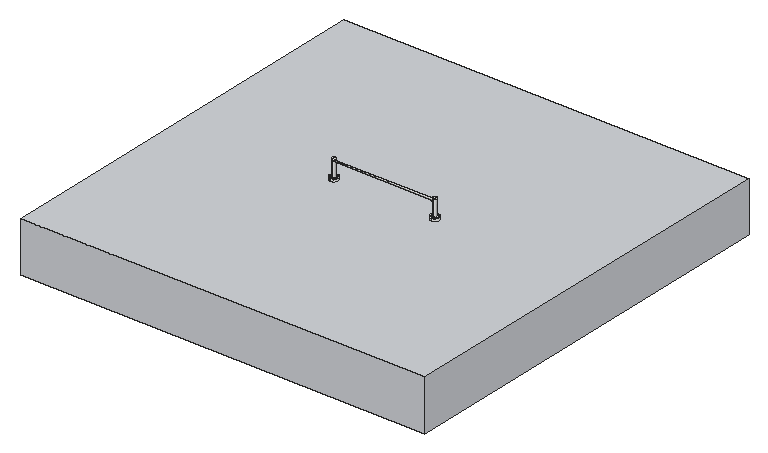
Revit family
Parameters (values of type "8336.024.002")
  Width = 24"
  Warranty Information = "1 Year Warranty"
  URL = "http://www.americanstandard-us.com"
  Type Comments = ""
  Product Page URL = "http://www.americanstandard-us.com/bathroom-accessories/CR-Series-24-Towel-bar-5988/"
  Product Documentation Link = "http://www.americanstandard-us.com/assets/documents/amstd/spec/SpecSheet_5987.pdf"
  Price = "Prices may vary. Please consult Manufacturer Representative for most up-to-date price list."  # constant formula
  Phone Number = "416-250-5656"  # constant formula
  Omniclass Table 23 Title = "Towel Bars"  # constant formula
  Omniclass Table 23 Code = "23.40.20.21.27"  # constant formula
  Model = "8336.024.002"
  Material = Metal-American Standard-002-Polished Chrome
  Masterformat Title = "Bath Accessories"  # constant formula
  Masterformat Number = "10 28 16"  # constant formula
  Manufacturer = "American Standard"
  Length = 4 3/8"
  Installation Type = "Wall Mounted"
  Height = 2"
  Description = "CR Series 24\" Towel Bar Polished Chrome"
  Default Elevation = 40"
  Creation Date = "04/04/2014"  # constant formula
  Created By = "Allied Technical Services"  # constant formula
  Assembly Code = "C1030220"
  ATS URL = "http://www.atsspec.net"
Types (3): name | Model | Material | Description
  (no name) | "8336.024.002" | Metal-American Standard-002-Polished Chrome | "CR Series 24\" Towel Bar Polished Chrome"
  8336.024.295 | "8336.024.295" | Metal-American Standard-295-Satin Nickel | "CR Series 24\" Towel Bar Satin Nickel"
  8336.024.002 | "8336.024.002" | Metal-American Standard-002-Polished Chrome | "CR Series 24\" Towel Bar Polished Chrome"
Reference planes (in)
  plane 1 "Center (Front/Back)": y = 0
  plane 2: z = 0
  plane 3 "Center (Left/Right)": x = 0
  plane 4 "Floor Level": y = -40
  plane 5: x = -12
  plane 6: y = 1
  plane 7: y = -1
  plane 8: z = 3.75
  plane 9: z = 4.375
  plane 10: x = -13
  plane 11: x = -11
  plane 12: x = 12
  plane 13: x = 13
  plane 14: x = 11
Forms (in)
  Extrusion 1, solid
    sketch origin (0, 0, 0) x (1, 0, 0) y (0, 1, 0)
      loop
        line (-48, 48) -> (-48, -48) -> (48, -48) -> (48, 48) -> (-48, 48)
    from 0 to -12
  Revolve 2, solid, material "Metal-American Standard-002-Polished Chrome" <- "Material"
    sketch origin (-12, 0, 0) x (0, 0, -1) y (0, -1, 0)
      loop
        line (0, 0) -> (-0.5, 0) -> (-4.375, 0) -> (-4.375, -0.38492)
        arc (-4.375, -0.38492) -> (-4.36646, -0.40553) -> (-4.34585, -0.41406) r 0.02915
        line (-4.34585, -0.41406) -> (-0.61801, -0.41406)
        arc (-0.61801, -0.41406) -> (-0.53456, -0.44863) -> (-0.5, -0.53207) r 0.11801
        line (-0.5, -0.53207) -> (-0.5, -0.93342)
        arc (-0.5, -0.93342) -> (-0.4805, -0.9805) -> (-0.43342, -1) r 0.06658
        line (-0.43342, -1) -> (0, -1) -> (0, 0)
      axis (-4.375, 0) -> (0, 0)
    angle from 0 to 360
  Revolve 3, solid, material "Metal-American Standard-002-Polished Chrome" <- "Material"
    sketch origin (0, 0, 0) x (1, 0, 0) y (0, 0, -1)
      loop
        line (-12, -4.1179) -> (11.99904, -4.1179) -> (11.99904, -3.93395) -> (-12, -3.93395) -> (-12, -4.1179)
      axis (11.99904, -3.93395) -> (-12, -3.93395)
    angle from 0 to 360
  Revolve 4, solid, material "Metal-American Standard-002-Polished Chrome" <- "Material"
    sketch origin (12, 0, 0) x (0, 0, -1) y (0, 1, 0)
      loop
        line (0, 0) -> (0, 1) -> (-0.43342, 1)
        arc (-0.43342, 1) -> (-0.4805, 0.9805) -> (-0.5, 0.93342) r 0.06658
        line (-0.5, 0.93342) -> (-0.5, 0.53207)
        arc (-0.5, 0.53207) -> (-0.53456, 0.44863) -> (-0.61801, 0.41406) r 0.11801
        line (-0.61801, 0.41406) -> (-4.34585, 0.41406)
        arc (-4.34585, 0.41406) -> (-4.36646, 0.40553) -> (-4.375, 0.38492) r 0.02915
        line (-4.375, 0.38492) -> (-4.375, 0) -> (-0.5, 0) -> (0, 0)
      axis (-4.375, 0) -> (0, 0)
    angle from 0 to 360
Lines and regions (in)
  Masking region 1
    outline origin (0, 0, 0) x (1, 0, 0) y (0, 0, 1)
      loop
        line (11.58594, 4.11792) -> (-11.58594, 4.11792) -> (-11.58594, 4.34631)
        arc (-11.58594, 4.34631) -> (-11.59434, 4.3666) -> (-11.61463, 4.375) r 0.02869
        line (-11.61463, 4.375) -> (-12.38537, 4.375)
        arc (-12.38537, 4.375) -> (-12.40566, 4.3666) -> (-12.41406, 4.34631) r 0.02869
        line (-12.41406, 4.34631) -> (-12.41406, 0.61875)
        arc (-12.41406, 0.61875) -> (-12.44539, 0.5382) -> (-12.52292, 0.5) r 0.1192
        line (-12.52292, 0.5) -> (-12.93272, 0.5)
        arc (-12.93272, 0.5) -> (-12.98029, 0.48029) -> (-13, 0.43272) r 0.06728
        line (-13, 0.43272) -> (-13, 0) -> (-11, 0) -> (-11, 0.43272)
        arc (-11, 0.43272) -> (-11.01971, 0.48029) -> (-11.06728, 0.5) r 0.06728
        line (-11.06728, 0.5) -> (-11.47708, 0.5)
        arc (-11.47708, 0.5) -> (-11.55461, 0.5382) -> (-11.58594, 0.61875) r 0.1192
        line (-11.58594, 0.61875) -> (-11.58594, 3.75) -> (11.58594, 3.75) -> (11.58594, 0.61875)
        arc (11.58594, 0.61875) -> (11.55461, 0.5382) -> (11.47708, 0.5) r 0.1192
        line (11.47708, 0.5) -> (11.06728, 0.5)
        arc (11.06728, 0.5) -> (11.01971, 0.48029) -> (11, 0.43272) r 0.06728
        line (11, 0.43272) -> (11, 0) -> (13, 0) -> (13, 0.43272)
        arc (13, 0.43272) -> (12.98029, 0.48029) -> (12.93272, 0.5) r 0.06728
        line (12.93272, 0.5) -> (12.52292, 0.5)
        arc (12.52292, 0.5) -> (12.44539, 0.5382) -> (12.41406, 0.61875) r 0.1192
        line (12.41406, 0.61875) -> (12.41406, 4.34631)
        arc (12.41406, 4.34631) -> (12.40566, 4.3666) -> (12.38537, 4.375) r 0.02869
        line (12.38537, 4.375) -> (11.61463, 4.375)
        arc (11.61463, 4.375) -> (11.59434, 4.3666) -> (11.58594, 4.34631) r 0.02869
        line (11.58594, 4.34631) -> (11.58594, 4.11792)
  Masking region 2
    outline origin (0, 0, 0) x (0, 1, 0) y (0, 0, 1)
      loop
        line (0.38618, 4.375) -> (-0.38618, 4.375)
        arc (-0.38618, 4.375) -> (-0.40552, 4.36721) -> (-0.41406, 4.34819) r 0.0279
        line (-0.41406, 4.34819) -> (-0.41406, 0.61412)
        arc (-0.41406, 0.61412) -> (-0.44662, 0.53429) -> (-0.52573, 0.5) r 0.11415
        line (-0.52573, 0.5) -> (-0.93662, 0.5)
        arc (-0.93662, 0.5) -> (-0.9815, 0.48075) -> (-1, 0.43556) r 0.06445
        line (-1, 0.43556) -> (-1, 0) -> (1, 0) -> (1, 0.43556)
        arc (1, 0.43556) -> (0.9815, 0.48075) -> (0.93662, 0.5) r 0.06445
        line (0.93662, 0.5) -> (0.52573, 0.5)
        arc (0.52573, 0.5) -> (0.44662, 0.53429) -> (0.41406, 0.61412) r 0.11415
        line (0.41406, 0.61412) -> (0.41406, 4.346)
        arc (0.41406, 4.346) -> (0.40629, 4.36644) -> (0.38618, 4.375) r 0.0279
  Masking region 3
    outline origin (0, 0, 0) x (0, 1, 0) y (0, 0, 1)
      loop
        line (0.38618, 4.375) -> (-0.38618, 4.375)
        arc (-0.38618, 4.375) -> (-0.40552, 4.36721) -> (-0.41406, 4.34819) r 0.0279
        line (-0.41406, 4.34819) -> (-0.41406, 0.61412)
        arc (-0.41406, 0.61412) -> (-0.44662, 0.53429) -> (-0.52573, 0.5) r 0.11415
        line (-0.52573, 0.5) -> (-0.93662, 0.5)
        arc (-0.93662, 0.5) -> (-0.9815, 0.48075) -> (-1, 0.43556) r 0.06445
        line (-1, 0.43556) -> (-1, 0) -> (1, 0) -> (1, 0.43556)
        arc (1, 0.43556) -> (0.9815, 0.48075) -> (0.93662, 0.5) r 0.06445
        line (0.93662, 0.5) -> (0.52573, 0.5)
        arc (0.52573, 0.5) -> (0.44662, 0.53429) -> (0.41406, 0.61412) r 0.11415
        line (0.41406, 0.61412) -> (0.41406, 4.34819)
        arc (0.41406, 4.34819) -> (0.40552, 4.36721) -> (0.38618, 4.375) r 0.0279
  Masking region 4
    outline origin (0, 0, 0) x (1, 0, 0) y (0, 1, 0)
      loop
        arc (-12, -1) -> (-11.36053, -0.76881) -> (-11.01673, -0.18215) r 1
        line (-11.01673, -0.18215) -> (11.01673, -0.18215)
        arc (11.01673, -0.18215) -> (11.36053, -0.76881) -> (12, -1) r 1
        arc (12, -1) -> (13, 0) -> (12, 1) r 1
        arc (12, 1) -> (11.36053, 0.76881) -> (11.01673, 0.18215) r 1
        line (11.01673, 0.18215) -> (-11.01673, 0.18215)
        arc (-11.01673, 0.18215) -> (-11.36053, 0.76881) -> (-12, 1) r 1
        arc (-12, 1) -> (-13, 0) -> (-12, -1) r 1
  symbolic lines, style "SpecialityEquipment", detail levels medium+fine
    curve 1: arc (-11.63505, 0.18215, 0) -> (-12.40788, 0, 0) -> (-11.63505, -0.18215, 0) r 0.40788
    curve 2: line (-11.63505, 0.18215, 0) -> (-11.01673, 0.18215, 0)
    curve 3: line (-11.63505, -0.18215, 0) -> (-11.01673, -0.18215, 0)
    curve 4: line (-11.58594, 0, 3.75) -> (-11.58594, 0, 4.11792)
    curve 8: arc (11.63505, 0.18215, 0) -> (12.40788, 0, 0) -> (11.63505, -0.18215, 0) r 0.40788
    curve 9: line (11.01673, 0.18215, 0) -> (11.63505, 0.18215, 0)
    curve 10: line (11.01673, -0.18215, 0) -> (11.63505, -0.18215, 0)
    curve 12: line (11.58594, 0, 3.75) -> (11.58594, 0, 4.11792)
  symbolic lines, style "SpecialityEquipment", detail levels fine
    curve 5: line (-12.52292, 0, 0.5) -> (-11.47708, 0, 0.5)
    curve 6: line (0, 0.52573, 0.5) -> (0, -0.52573, 0.5)
    curve 7: arc (-11.63505, -0.18215, 0) -> (-11.59212, 0, 0) -> (-11.63505, 0.18215, 0) r 0.40788
    curve 11: line (12.52292, 0, 0.5) -> (11.47708, 0, 0.5)
    curve 13: arc (11.63505, -0.18215, 0) -> (11.59212, 0, 0) -> (11.63505, 0.18215, 0) r 0.40788
Dimensions and locks (in)
  "Default Elevation": plane 4 "Floor Level" to plane 1 "Center (Front/Back)"
  "Length": plane 2 to plane 9
  Extrusion 1 to plane 8 = 3 3/4"
  "Height": plane 7 to plane 6
  "Width": plane 5 to plane 12
  plane 10 to plane 13 = 26"
  aligned and locked: plane 2 to Extrusion 1
  aligned and locked: level to Extrusion 1
Automatic sketch dimensions
  Extrusion 1 sketch curve to Extrusion 1 sketch curve = 96"  (x2)
  plane 9 to Revolve 2 sketch curve = 0"
  Revolve 2 sketch curve to plane 1 "Center (Front/Back)" = 0"  (x2)
  Revolve 2 sketch curve to plane 6 = 0"
  Revolve 2 sketch curve to level = 0"
  plane 9 to Revolve 2 sketch curve = 0.02915"
  level to Revolve 2 sketch curve = 0.61801"
  plane 6 to Revolve 2 sketch curve = 0.06658"
  Revolve 2 sketch curve to Revolve 2 sketch curve = 0.11801"  (x2)
  Revolve 2 sketch curve to Revolve 2 sketch curve = 1/4"
  level to Revolve 2 sketch curve = 0.10423"
  Revolve 2 sketch curve to Revolve 2 sketch curve = 0.40135"
  plane 5 to Revolve 3 sketch curve = 0"
  Revolve 3 sketch curve to plane 11 = 0.08903"
  plane 11 to Revolve 3 sketch curve = 0.16097"
  Revolve 3 sketch curve to plane 8 = 0.18395"  (x2)
  Revolve 3 sketch curve to plane 14 = 0.99904"
  Revolve 3 sketch curve to Revolve 3 sketch curve = 0.18395"
  Masking region 1 sketch curve to level = 0"  (x2)
  plane 10 to Masking region 1 sketch curve = 0"
  Masking region 1 sketch curve to plane 9 = 0"  (x2)
  Masking region 1 sketch curve to plane 8 = 0"
  Masking region 1 sketch curve to plane 11 = 0"
  Masking region 1 sketch curve to plane 10 = 0.06728"
  Masking region 1 sketch curve to Masking region 1 sketch curve = 0.39945"  (x2)
  Masking region 1 sketch curve to Masking region 1 sketch curve = 0.01034"  (x2)
  Masking region 1 sketch curve to Masking region 1 sketch curve = 0.1192"  (x4)
  plane 9 to Masking region 1 sketch curve = 0.02869"  (x4)
  Masking region 1 sketch curve to plane 5 = 0.38537"
  Masking region 1 sketch curve to Masking region 1 sketch curve = 0"  (x2)
  Masking region 1 sketch curve to Masking region 1 sketch curve = 0.10886"  (x2)
  Masking region 1 sketch curve to plane 11 = 0.06728"
  level to Masking region 1 sketch curve = 0.43272"  (x4)
  plane 14 to Masking region 1 sketch curve = 0"
  Masking region 1 sketch curve to Masking region 1 sketch curve = 0.06728"  (x2)
  Masking region 1 sketch curve to Masking region 1 sketch curve = 0.77073"
  Masking region 1 sketch curve to Masking region 1 sketch curve = 0.40979"
  Masking region 1 sketch curve to Masking region 1 sketch curve = 0.22839"
  Masking region 2 sketch curve to level = 0"
  Masking region 2 sketch curve to plane 7 = 0"
  plane 9 to Masking region 2 sketch curve = 0"
  Masking region 2 sketch curve to plane 6 = 0"
  plane 7 to Masking region 2 sketch curve = 0.06338"
  Masking region 2 sketch curve to Masking region 2 sketch curve = 0.00107"
  Masking region 2 sketch curve to Masking region 2 sketch curve = 0.40842"
  Masking region 2 sketch curve to Masking region 2 sketch curve = 0.00248"  (x2)
  Masking region 2 sketch curve to Masking region 2 sketch curve = 0.11415"
  Masking region 2 sketch curve to Masking region 2 sketch curve = 0.02788"
  Masking region 2 sketch curve to plane 1 "Center (Front/Back)" = 0.38618"
  Masking region 2 sketch curve to plane 1 "Center (Front/Back)" = 53/128"
  Masking region 2 sketch curve to Masking region 2 sketch curve = 0.11167"
  plane 6 to Masking region 2 sketch curve = 0.06445"
  plane 6 to Masking region 2 sketch curve = 0.06338"
  Masking region 2 sketch curve to Masking region 2 sketch curve = 0.43556"  (x2)
  plane 9 to Masking region 2 sketch curve = 0.029"
  Masking region 2 sketch curve to Masking region 2 sketch curve = 0.0279"
  Masking region 3 sketch curve to plane 7 = 0"
  plane 9 to Masking region 3 sketch curve = 0"
  Masking region 3 sketch curve to level = 0"
  Masking region 3 sketch curve to plane 6 = 0"
  plane 7 to Masking region 3 sketch curve = 0.06338"
  Masking region 3 sketch curve to Masking region 3 sketch curve = 0.06445"
  Masking region 3 sketch curve to Masking region 3 sketch curve = 0.40842"
  Masking region 3 sketch curve to Masking region 3 sketch curve = 0.00248"  (x2)
  Masking region 3 sketch curve to Masking region 3 sketch curve = 0.11415"
  Masking region 3 sketch curve to Masking region 3 sketch curve = 0.02788"
  Masking region 3 sketch curve to plane 1 "Center (Front/Back)" = 0.38618"
  Masking region 3 sketch curve to plane 1 "Center (Front/Back)" = 53/128"
  Masking region 3 sketch curve to Masking region 3 sketch curve = 0.11167"
  plane 6 to Masking region 3 sketch curve = 0.06445"
  plane 6 to Masking region 3 sketch curve = 0.06338"
  Masking region 3 sketch curve to Masking region 3 sketch curve = 0.43556"  (x2)
  Masking region 3 sketch curve to Masking region 3 sketch curve = 0.0279"  (x2)
  plane 9 to Revolve 4 sketch curve = 0"
  Revolve 4 sketch curve to plane 1 "Center (Front/Back)" = 0"  (x2)
  Revolve 4 sketch curve to plane 6 = 0"
  Revolve 4 sketch curve to level = 0"
  plane 9 to Revolve 4 sketch curve = 0.02915"
  level to Revolve 4 sketch curve = 0.61801"
  plane 6 to Revolve 4 sketch curve = 0.06658"
  Revolve 4 sketch curve to Revolve 4 sketch curve = 0.11801"  (x2)
  Revolve 4 sketch curve to Revolve 4 sketch curve = 1/4"
  level to Revolve 4 sketch curve = 0.10423"
  Revolve 4 sketch curve to Revolve 4 sketch curve = 0.38492"
  curve 8 to curve 13 = 0"
  plane 1 "Center (Front/Back)" to curve 8 = 0"
  curve 8 to plane 12 = 0"
  curve 7 to plane 5 = 0.36495"
  curve 7 to plane 1 "Center (Front/Back)" = 0.18215"
  curve 13 to plane 12 = 0.36495"
  curve 12 to plane 8 = 0"
  curve 12 to plane 12 = 53/128"
  Masking region 4 sketch curve to Masking region 4 sketch curve = 0"  (x12)
  plane 1 "Center (Front/Back)" to Masking region 4 sketch curve = 0"  (x2)
  Masking region 4 sketch curve to plane 5 = 0"
  Masking region 4 sketch curve to plane 7 = 0"  (x2)
  Masking region 4 sketch curve to plane 12 = 0"
  Masking region 4 sketch curve to plane 11 = 0.01673"  (x2)
  curve 1 to curve 7 = 0"
  plane 1 "Center (Front/Back)" to curve 7 = 0"
  curve 7 to plane 5 = 0"
  curve 2 to curve 1 = 0"
  curve 2 to plane 11 = 0.01673"
  curve 3 to plane 11 = 0.01673"
  curve 9 to plane 14 = 0.01673"
  curve 10 to plane 14 = 0.01673"
  plane 1 "Center (Front/Back)" to curve 8 = 0.18215"
  curve 8 to curve 9 = 0"
  curve 4 to plane 8 = 0"
  curve 11 to plane 14 = 0.47708"
  curve 5 to plane 11 = 0.47708"
  curve 4 to plane 5 = 53/128"
  curve 5 to plane 10 = 0.47708"
  curve 11 to plane 13 = 0.47708"
  level to curve 11 = 1/2"
  level to curve 5 = 1/2"
  plane 9 to curve 12 = 0.25708"
  plane 9 to curve 4 = 0.25708"
  plane 7 to curve 6 = 0.47427"
  plane 6 to curve 6 = 0.47427"
  level to curve 6 = 1/2"
